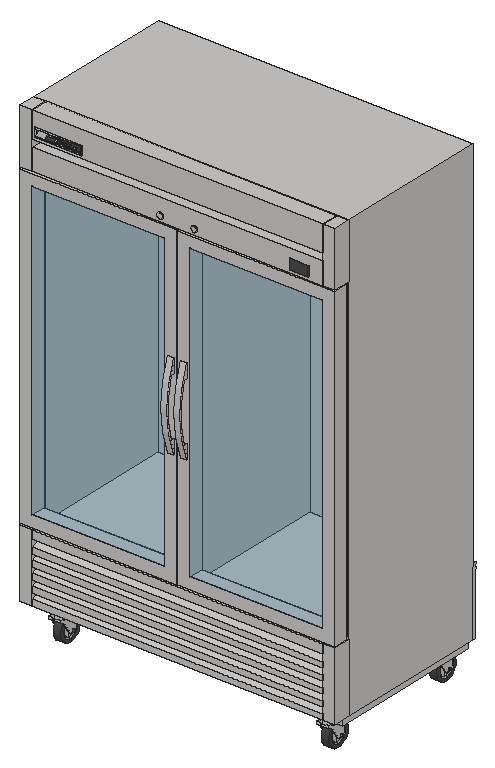
Revit family "QF_TRUE_T-49FG-HC~FGD01", category Specialty Equipment, Revit 2015 (continued)
Definition of nested family "T-49FG-HC-FGD01"
  Dimensions and locks (in)
    plane 11 to plane 5 "FRONT" = 1 17/32"
    plane 10 to plane 11 = 31 27/32"
    plane 1 "BACK" to plane 14 = 55 1/4"
    plane 1 "BACK" to plane 15 = 55 1/4"
    plane 19 to Extrusion 2 = 1/4"
    plane 24 to Extrusion 16 = 1/4"
    aligned and locked: level to plane 2
  Automatic sketch dimensions
    Extrusion 2 sketch curve to Extrusion 2 sketch curve = 1 1/4"  (x2)
    Extrusion 2 sketch curve to Extrusion 2 sketch curve = 1"  (x7)
    Extrusion 2 sketch curve to Extrusion 2 sketch curve = 2"  (x2)
    Extrusion 2 sketch curve to Extrusion 2 sketch curve = 0"  (x9)
    Extrusion 2 sketch curve to Extrusion 2 sketch curve = 0.51258"
    Extrusion 2 sketch curve to Extrusion 2 sketch curve = 0.43712"
    Extrusion 4 sketch curve to Extrusion 2 = 0.97242"  (x2)
    Extrusion 2 to Extrusion 4 sketch curve = 22.14431"
    Extrusion 4 sketch curve to Extrusion 4 sketch curve = 5.86763"
    Extrusion 5 sketch curve to plane 14 = 0"  (x2)
    Extrusion 7 sketch curve to Extrusion 1 = 0"  (x3)
    Extrusion 1 to Extrusion 7 sketch curve = 0"
    Extrusion 1 to Extrusion 7 sketch curve = 1 13/16"
    Extrusion 1 to Extrusion 7 sketch curve = 2"
    Extrusion 1 to Extrusion 7 sketch curve = 11 3/4"
    Extrusion 1 to Extrusion 7 sketch curve = 2 5/8"
    Extrusion 9 sketch curve to Extrusion 9 sketch curve = 2"
    Extrusion 10 sketch curve to Extrusion 10 sketch curve = 3 1/4"
    Extrusion 14 sketch curve to plane 12 = 11 9/16"
    Extrusion 14 sketch curve to plane 13 = 0"
    Extrusion 1 sketch curve to Extrusion 1 sketch curve = 2"
    Extrusion 1 sketch curve to Extrusion 1 sketch curve = 76 1/2"
    Extrusion 2 sketch curve to Extrusion 2 sketch curve = 4 1/2"
    Extrusion 2 sketch curve to Extrusion 2 sketch curve = 3 3/4"
    Extrusion 2 sketch curve to Extrusion 2 sketch curve = 55 1/4"
    Extrusion 2 sketch curve to Extrusion 2 sketch curve = 1 1/2"
    Extrusion 2 sketch curve to Extrusion 2 sketch curve = 2.0503"  (x2)
    Extrusion 2 sketch curve to Extrusion 2 sketch curve = 2.80755"
    Extrusion 2 sketch curve to Extrusion 2 sketch curve = 3"
    Extrusion 5 sketch curve to Extrusion 5 sketch curve = 25 7/16"
    Extrusion 5 sketch curve to Extrusion 5 sketch curve = 0"
    Extrusion 5 sketch curve to Extrusion 5 sketch curve = 1.20981"  (x2)
    Extrusion 5 sketch curve to Extrusion 5 sketch curve = 0.32668"
    Extrusion 5 sketch curve to Extrusion 5 sketch curve = 0.25923"
    Extrusion 5 sketch curve to Extrusion 5 sketch curve = 26.62183"
    Extrusion 9 sketch curve to Extrusion 9 sketch curve = 76 1/2"
    Extrusion 10 sketch curve to Extrusion 10 sketch curve = 1 3/4"
    Extrusion 11 sketch curve to Extrusion 11 sketch curve = 9 1/2"
    Extrusion 11 sketch curve to Extrusion 11 sketch curve = 55 1/4"
    Extrusion 11 sketch curve to Extrusion 11 sketch curve = 11 3/4"
    Extrusion 11 sketch curve to Extrusion 11 sketch curve = 0"
    Extrusion 11 sketch curve to Extrusion 11 sketch curve = 3"  (x2)
    Extrusion 12 sketch curve to Extrusion 12 sketch curve = 9 1/2"
    Extrusion 12 sketch curve to Extrusion 12 sketch curve = 55 1/4"
    Extrusion 12 sketch curve to Extrusion 12 sketch curve = 11 3/4"
    Extrusion 12 sketch curve to Extrusion 12 sketch curve = 0"
    Extrusion 12 sketch curve to Extrusion 12 sketch curve = 3"  (x2)
    Extrusion 16 sketch curve to Extrusion 16 sketch curve = 1 1/4"  (x2)
    Extrusion 16 sketch curve to Extrusion 16 sketch curve = 1"  (x7)
    Extrusion 16 sketch curve to Extrusion 16 sketch curve = 2"  (x2)
    Extrusion 16 sketch curve to Extrusion 16 sketch curve = 0"  (x9)
    Extrusion 16 sketch curve to Extrusion 16 sketch curve = 0.51258"
    Extrusion 16 sketch curve to Extrusion 16 sketch curve = 0.43712"
    Extrusion 18 sketch curve to Extrusion 16 = 0.97242"  (x2)
    Extrusion 16 to Extrusion 18 sketch curve = 22.14431"
    Extrusion 18 sketch curve to Extrusion 18 sketch curve = 5.86763"
    Extrusion 19 sketch curve to plane 18 = 0"  (x2)
    Extrusion 21 sketch curve to Extrusion 15 = 0"  (x3)
    Extrusion 15 to Extrusion 21 sketch curve = 0"
    Extrusion 15 to Extrusion 21 sketch curve = 1 13/16"
    Extrusion 15 to Extrusion 21 sketch curve = 2"
    Extrusion 15 to Extrusion 21 sketch curve = 11 3/4"
    Extrusion 15 to Extrusion 21 sketch curve = 2 5/8"
    Extrusion 23 sketch curve to Extrusion 23 sketch curve = 2"
    Extrusion 24 sketch curve to Extrusion 24 sketch curve = 3 1/4"
    Extrusion 28 sketch curve to plane 16 = 11 9/16"
    Extrusion 28 sketch curve to plane 17 = 0"
    Extrusion 15 sketch curve to Extrusion 15 sketch curve = 2"
    Extrusion 15 sketch curve to Extrusion 15 sketch curve = 76 1/2"
    Extrusion 16 sketch curve to Extrusion 16 sketch curve = 4 1/2"
    Extrusion 16 sketch curve to Extrusion 16 sketch curve = 3 3/4"
    Extrusion 16 sketch curve to Extrusion 16 sketch curve = 55 1/4"
    Extrusion 16 sketch curve to Extrusion 16 sketch curve = 1 1/2"
    Extrusion 16 sketch curve to Extrusion 16 sketch curve = 2.0503"  (x2)
    Extrusion 16 sketch curve to Extrusion 16 sketch curve = 2.80755"
    Extrusion 16 sketch curve to Extrusion 16 sketch curve = 3"
    Extrusion 19 sketch curve to Extrusion 19 sketch curve = 25 7/16"
    Extrusion 19 sketch curve to Extrusion 19 sketch curve = 0"
    Extrusion 19 sketch curve to Extrusion 19 sketch curve = 1.20981"  (x2)
    Extrusion 19 sketch curve to Extrusion 19 sketch curve = 0.32668"
    Extrusion 19 sketch curve to Extrusion 19 sketch curve = 0.25923"
    Extrusion 19 sketch curve to Extrusion 19 sketch curve = 26.62183"
    Extrusion 23 sketch curve to Extrusion 23 sketch curve = 76 1/2"
    Extrusion 24 sketch curve to Extrusion 24 sketch curve = 1 3/4"
    Extrusion 25 sketch curve to Extrusion 25 sketch curve = 9 1/2"
    Extrusion 25 sketch curve to Extrusion 25 sketch curve = 55 1/4"
    Extrusion 25 sketch curve to Extrusion 25 sketch curve = 11 3/4"
    Extrusion 25 sketch curve to Extrusion 25 sketch curve = 0"
    Extrusion 25 sketch curve to Extrusion 25 sketch curve = 3"  (x2)
    Extrusion 26 sketch curve to Extrusion 26 sketch curve = 9 1/2"
    Extrusion 26 sketch curve to Extrusion 26 sketch curve = 55 1/4"
    Extrusion 26 sketch curve to Extrusion 26 sketch curve = 11 3/4"
    Extrusion 26 sketch curve to Extrusion 26 sketch curve = 0"
    Extrusion 26 sketch curve to Extrusion 26 sketch curve = 3"  (x2)
    Extrusion 6 to Extrusion 29 sketch curve = 4.84595"
    Extrusion 6 to Extrusion 29 sketch curve = 27 5/64"
    curve 1 to plane 3 "LEFT" = 0"
    plane 5 "FRONT" to curve 7 = 0"
    plane 11 to curve 12 = 0"
    curve 1 to plane 4 "RIGHT" = 0"
    plane 1 "BACK" to curve 5 = 0"
    curve 3 to plane 10 = 0"
    plane 3 "LEFT" to curve 16 = 0.32668"
    curve 15 to plane 7 "Center Y" = 4.30184"
    plane 11 to curve 9 = 0"
    curve 9 to plane 7 "Center Y" = 1.62962"
    curve 11 to plane 7 "Center Y" = 0.62037"
    plane 7 "Center Y" to curve 12 = 0.62037"
    curve 12 to curve 14 = 1.00925"
    plane 7 "Center Y" to curve 17 = 4.30184"
    plane 4 "RIGHT" to curve 18 = 0.32668"
    plane 11 to curve 15 = 11.61864"
    curve 15 to curve 17 = 0"
    curve 18 to plane 5 "FRONT" = 1.20981"
    curve 16 to plane 5 "FRONT" = 1.20981"
    plane 3 "LEFT" to curve 7 = 2"
    plane 4 "RIGHT" to curve 8 = 2"
    curve 18 to curve 8 = 1.79019"
    Extrusion 14 sketch curve to Extrusion 14 sketch curve = 2"
    Extrusion 8 sketch curve to Extrusion 8 sketch curve = 2"  (x8)
    Extrusion 8 sketch curve to Extrusion 8 sketch curve = 22.94851"  (x2)
    Extrusion 8 sketch curve to Extrusion 8 sketch curve = 0.25923"
    Extrusion 8 sketch curve to Extrusion 8 sketch curve = 0"  (x2)
    Extrusion 8 sketch curve to Extrusion 8 sketch curve = 50 3/4"
    Extrusion 3 sketch curve to Extrusion 3 sketch curve = 22.94851"  (x2)
    Extrusion 3 sketch curve to Extrusion 3 sketch curve = 4.25923"
    Extrusion 3 sketch curve to Extrusion 3 sketch curve = 0"  (x2)
    Extrusion 3 sketch curve to Extrusion 3 sketch curve = 50 3/4"
    Extrusion 30 sketch curve to plane 20 = 0"
    plane 21 to Extrusion 30 sketch curve = 0"
    Extrusion 30 sketch curve to plane 20 = 2 1/2"
    Extrusion 30 sketch curve to plane 21 = 2 1/2"
    Extrusion 30 sketch curve to Extrusion 30 sketch curve = 0.60964"  (x2)
    Extrusion 30 sketch curve to Extrusion 30 sketch curve = 17.54993"
    Extrusion 30 sketch curve to Extrusion 30 sketch curve = 0.05175"
    Extrusion 31 sketch curve to plane 22 = 0"
    plane 23 to Extrusion 31 sketch curve = 0"
    Extrusion 31 sketch curve to plane 22 = 2 1/2"
    Extrusion 31 sketch curve to plane 23 = 2 1/2"
    Extrusion 31 sketch curve to Extrusion 31 sketch curve = 0.60964"  (x2)
    Extrusion 31 sketch curve to Extrusion 31 sketch curve = 17.54993"
    Extrusion 31 sketch curve to Extrusion 31 sketch curve = 0.05054"
    Extrusion 30 sketch curve to Extrusion 30 sketch curve = 0"
    Extrusion 31 sketch curve to Extrusion 31 sketch curve = 0"
    Extrusion 28 sketch curve to Extrusion 28 sketch curve = 2"
    Extrusion 22 sketch curve to Extrusion 22 sketch curve = 2"  (x8)
    Extrusion 22 sketch curve to Extrusion 22 sketch curve = 22.94851"  (x2)
    Extrusion 22 sketch curve to Extrusion 22 sketch curve = 0.25923"
    Extrusion 22 sketch curve to Extrusion 22 sketch curve = 0"  (x2)
    Extrusion 22 sketch curve to Extrusion 22 sketch curve = 50 3/4"
    Extrusion 17 sketch curve to Extrusion 17 sketch curve = 22.94851"  (x2)
    Extrusion 17 sketch curve to Extrusion 17 sketch curve = 4.25923"
    Extrusion 17 sketch curve to Extrusion 17 sketch curve = 0"  (x2)
    Extrusion 17 sketch curve to Extrusion 17 sketch curve = 50 3/4"
    Extrusion 34 sketch curve to plane 9 = 0"
    Extrusion 34 sketch curve to plane 29 = 0"
    plane 3 "LEFT" to Extrusion 34 sketch curve = 1"
    plane 4 "RIGHT" to Extrusion 34 sketch curve = 1"
    Extrusion 13 sketch curve to Extrusion 1 = 1/4"  (x2)
    Extrusion 13 sketch curve to Extrusion 1 = 11 1/2"  (x2)
    Extrusion 1 to Extrusion 13 sketch curve = 23.19851"
    Extrusion 13 sketch curve to Extrusion 13 sketch curve = 1 1/2"  (x3)
    Extrusion 13 sketch curve to Extrusion 13 sketch curve = 23.44851"
    Extrusion 13 sketch curve to Extrusion 13 sketch curve = 1.62134"  (x2)
    Extrusion 13 sketch curve to Extrusion 13 sketch curve = 0"  (x3)
    Extrusion 13 sketch curve to Extrusion 13 sketch curve = 0.75923"
    Extrusion 13 sketch curve to Extrusion 1 = 13 3/4"
    Extrusion 27 sketch curve to Extrusion 15 = 1/4"  (x2)
    Extrusion 27 sketch curve to Extrusion 15 = 11 1/2"  (x2)
    Extrusion 15 to Extrusion 27 sketch curve = 23.19851"
    Extrusion 27 sketch curve to Extrusion 27 sketch curve = 1 1/2"  (x3)
    Extrusion 27 sketch curve to Extrusion 27 sketch curve = 23.44851"
    Extrusion 27 sketch curve to Extrusion 27 sketch curve = 1.62134"  (x2)
    Extrusion 27 sketch curve to Extrusion 27 sketch curve = 0"  (x3)
    Extrusion 27 sketch curve to Extrusion 27 sketch curve = 0.75923"
    Extrusion 27 sketch curve to Extrusion 15 = 13 3/4"
    Extrusion 6 sketch curve to Extrusion 1 = 0"  (x2)
    Extrusion 6 sketch curve to Extrusion 1 = 3/8"
    Extrusion 6 sketch curve to Extrusion 6 sketch curve = 10.68144"
    Extrusion 6 sketch curve to Extrusion 6 sketch curve = 0.34482"
    Extrusion 6 sketch curve to Extrusion 6 sketch curve = 0.3805"
    Extrusion 6 sketch curve to Extrusion 6 sketch curve = 0.16647"
    Extrusion 6 sketch curve to Extrusion 1 = 0.32496"
    Extrusion 6 sketch curve to Extrusion 6 sketch curve = 0.17678"
    Extrusion 6 sketch curve to Extrusion 6 sketch curve = 0.14819"
    Extrusion 6 sketch curve to Extrusion 6 sketch curve = 0"
    Extrusion 6 sketch curve to Extrusion 6 sketch curve = 1/8"
    Extrusion 6 sketch curve to Extrusion 6 sketch curve = 0.17504"
    Extrusion 20 sketch curve to Extrusion 15 = 0"  (x2)
    Extrusion 20 sketch curve to Extrusion 15 = 3/8"
    Extrusion 20 sketch curve to Extrusion 20 sketch curve = 10.68144"
    Extrusion 20 sketch curve to Extrusion 20 sketch curve = 0.34482"
    Extrusion 20 sketch curve to Extrusion 20 sketch curve = 0.3805"
    Extrusion 20 sketch curve to Extrusion 20 sketch curve = 0.16647"
    Extrusion 20 sketch curve to Extrusion 15 = 0.32496"
    Extrusion 20 sketch curve to Extrusion 20 sketch curve = 0.17678"
    Extrusion 20 sketch curve to Extrusion 20 sketch curve = 0.14819"
    Extrusion 20 sketch curve to Extrusion 20 sketch curve = 0"
    Extrusion 20 sketch curve to Extrusion 20 sketch curve = 1/8"
    Extrusion 20 sketch curve to Extrusion 20 sketch curve = 0.17504"
    Extrusion 35 sketch curve to Extrusion 35 sketch curve = 0"  (x3)
    Extrusion 35 sketch curve to Extrusion 35 sketch curve = 0.0075"
    Extrusion 35 sketch curve to Extrusion 35 sketch curve = 2.06523"
    Extrusion 35 sketch curve to Extrusion 35 sketch curve = 0.04197"
    Extrusion 35 sketch curve to Extrusion 35 sketch curve = 0.42957"
    Extrusion 35 sketch curve to Extrusion 35 sketch curve = 0.94308"
    Extrusion 37 sketch curve to Extrusion 37 sketch curve = 0.37938"
    Extrusion 37 sketch curve to Extrusion 37 sketch curve = 1"
    Extrusion 37 sketch curve to Extrusion 37 sketch curve = 1.65026"
    Extrusion 37 sketch curve to Extrusion 37 sketch curve = 0.43546"
    Extrusion 37 sketch curve to Extrusion 37 sketch curve = 0.50522"
    Extrusion 37 sketch curve to Extrusion 37 sketch curve = 0.51683"  (x2)
    Extrusion 37 sketch curve to Extrusion 37 sketch curve = 0.53428"
    Extrusion 38 sketch curve to Extrusion 38 sketch curve = 1"
    Extrusion 38 sketch curve to Extrusion 38 sketch curve = 0"
    Extrusion 39 sketch curve to Extrusion 39 sketch curve = 0"  (x2)
    Extrusion 39 sketch curve to Extrusion 39 sketch curve = 1/4"
    Extrusion 40 sketch curve to Extrusion 40 sketch curve = 0.0411"
    Extrusion 40 sketch curve to Extrusion 40 sketch curve = 0.45494"
    Extrusion 40 sketch curve to Extrusion 40 sketch curve = 0.91779"
    Extrusion 40 sketch curve to Extrusion 40 sketch curve = 0.54506"
    Extrusion 40 sketch curve to Extrusion 40 sketch curve = 1.82353"
    Extrusion 40 sketch curve to Extrusion 40 sketch curve = 17/32"
    radius of Extrusion 4 sketch curve = 1/2"  (x2)
    radius of Extrusion 18 sketch curve = 1/2"  (x2)
    radius of Extrusion 29 sketch curve = 1/4"
    radius of Extrusion 35 sketch curve = 1/4"
    radius of Extrusion 36 sketch curve = 1/4"
    radius of Extrusion 37 sketch curve = 1/4"  (x3)
    radius of Extrusion 38 sketch curve = 1/4"  (x2)
    radius of Extrusion 40 sketch curve = 1/4"
  Nested families (in)
    nested 1: "QF_LOGO_TRUE" at (2.5, -29.8125, 79.375), Show Logo <- "Show Logo", type "QF_LOGO_TRUE", detail levels medium+fine
      with Show Logo yes
  Definition of nested family "QF_LOGO_TRUE"
    Parameters (values of type "QF_LOGO_TRUE")
      Show Logo [instance] = yes
    Reference planes (in)
      plane 1 "Center (Front/Back)": y = 0
      plane 2: z = 0
      plane 3 "Center (Left/Right)": x = 0
    Forms (in)
      Extrusion 1, solid, visible <- "Show Logo", detail levels medium+fine
        sketch origin (-78.34647, 34.76905, -30.51001) x (1, 0, 0) y (0, 0, 1)
          loop
            line (81.15226, 31.65456) -> (81.07353, 31.48573) -> (82.12083, 31.48573)
            arc (82.12083, 31.48573) -> (82.14208, 31.44814) -> (82.12083, 31.41055) r 0.04386
            line (82.12083, 31.41055) -> (81.84767, 30.82478)
            arc (81.84767, 30.82478) -> (81.84531, 30.77052) -> (81.882, 30.73048) r 0.07096
            line (81.882, 30.73048) -> (82.55165, 30.73048)
            arc (82.55165, 30.73048) -> (82.63621, 30.75714) -> (82.69019, 30.82748) r 0.14742
            line (82.69019, 30.82748) -> (82.90515, 31.28847) -> (83.10265, 31.28847)
            arc (83.10265, 31.28847) -> (83.15447, 31.26942) -> (83.14697, 31.21472) r 0.04405
            line (83.14697, 31.21472) -> (82.9671, 30.82899)
            arc (82.9671, 30.82899) -> (82.9699, 30.76493) -> (83.02398, 30.73048) r 0.06943
            line (83.02398, 30.73048) -> (83.6124, 30.73048)
            arc (83.6124, 30.73048) -> (83.65748, 30.74689) -> (83.68147, 30.78844) r 0.07014
            arc (83.68147, 30.78844) -> (83.69845, 30.74745) -> (83.73943, 30.73048) r 0.05796
            line (83.73943, 30.73048) -> (84.112, 30.73048)
            arc (84.112, 30.73048) -> (84.15504, 30.74201) -> (84.18655, 30.77352) r 0.08608
            arc (84.18655, 30.77352) -> (84.20164, 30.7371) -> (84.23806, 30.72202) r 0.0515
            line (84.23806, 30.72202) -> (84.76757, 30.72202)
            arc (84.76757, 30.72202) -> (84.81086, 30.73995) -> (84.8288, 30.78324) r 0.06122
            arc (84.8288, 30.78324) -> (84.86848, 30.74355) -> (84.92269, 30.72903) r 0.10842
            line (84.92269, 30.72903) -> (85.91461, 30.72903) -> (86.02479, 30.91987) -> (85.0243, 30.91987)
            arc (85.0243, 30.91987) -> (84.99669, 30.93902) -> (84.99566, 30.97261) r 0.03732
            line (84.99566, 30.97261) -> (85.01297, 31.00972)
            arc (85.01297, 31.00972) -> (85.03954, 31.04453) -> (85.0813, 31.05774) r 0.07263
            line (85.0813, 31.05774) -> (85.40289, 31.05774)
            arc (85.40289, 31.05774) -> (85.4723, 31.07633) -> (85.52311, 31.12715) r 0.13882
            line (85.52311, 31.12715) -> (85.61625, 31.28847)
            arc (85.61625, 31.28847) -> (85.61625, 31.37458) -> (85.54168, 31.41763) r 0.08611
            line (85.54168, 31.41763) -> (85.20227, 31.41763)
            arc (85.20227, 31.41763) -> (85.11574, 31.40294) -> (85.05538, 31.33923) r 0.13863
            line (85.05538, 31.33923) -> (84.89409, 30.99333)
            arc (84.89409, 30.99333) -> (84.84649, 30.9313) -> (84.77191, 30.90778) r 0.13002
            line (84.77191, 30.90778) -> (84.41984, 30.90778)
            arc (84.41984, 30.90778) -> (84.3777, 30.95378) -> (84.38042, 31.0161) r 0.08151
            line (84.38042, 31.0161) -> (84.56766, 31.41763) -> (84.44849, 31.41763) -> (84.25012, 30.99222)
            arc (84.25012, 30.99222) -> (84.21158, 30.94199) -> (84.15119, 30.92296) r 0.10527
            line (84.15119, 30.92296) -> (83.90842, 30.92296)
            arc (83.90842, 30.92296) -> (83.8674, 30.97642) -> (83.87619, 31.04323) r 0.08805
            line (83.87619, 31.04323) -> (84.05078, 31.41763) -> (83.92772, 31.41763) -> (83.72676, 30.98668)
            arc (83.72676, 30.98668) -> (83.68011, 30.94003) -> (83.61639, 30.92296) r 0.12745
            line (83.61639, 30.92296) -> (83.26484, 30.92296)
            arc (83.26484, 30.92296) -> (83.2017, 30.9524) -> (83.19563, 31.0218) r 0.06967
            line (83.19563, 31.0218) -> (83.31118, 31.26961) -> (83.47452, 31.26961)
            arc (83.47452, 31.26961) -> (83.50209, 31.35268) -> (83.56075, 31.41763) r 0.21289
            line (83.56075, 31.41763) -> (82.92244, 31.41763)
            arc (82.92244, 31.41763) -> (82.85151, 31.40191) -> (82.80242, 31.34834) r 0.12081
            line (82.80242, 31.34834) -> (82.6294, 30.9773)
            arc (82.6294, 30.9773) -> (82.58962, 30.93752) -> (82.53528, 30.92296) r 0.10869
            line (82.53528, 30.92296) -> (82.1542, 30.92296)
            arc (82.1542, 30.92296) -> (82.12446, 30.96315) -> (82.13012, 31.01283) r 0.06822
            line (82.13012, 31.01283) -> (82.38156, 31.48573) -> (83.01596, 31.48573) -> (83.09469, 31.65456) -> (82.46029, 31.65456) -> (82.53902, 31.8234) -> (82.31334, 31.8234) -> (82.23461, 31.65456) -> (81.15226, 31.65456)
          loop
            arc (85.15937, 31.26434) -> (85.13191, 31.25698) -> (85.1118, 31.23688) r 0.05494
            line (85.1118, 31.23688) -> (85.09547, 31.18665)
            arc (85.09547, 31.18665) -> (85.10304, 31.16837) -> (85.12133, 31.16079) r 0.02586
            line (85.12133, 31.16079) -> (85.39889, 31.16079)
            arc (85.39889, 31.16079) -> (85.41888, 31.16523) -> (85.43513, 31.1777) r 0.04731
            line (85.43513, 31.1777) -> (85.44863, 31.2402)
            arc (85.44863, 31.2402) -> (85.44466, 31.25693) -> (85.42914, 31.26434) r 0.01994
            line (85.42914, 31.26434) -> (85.15937, 31.26434)
          loop
            line (78.62961, 30.74125) -> (80.12032, 30.74125) -> (80.73891, 31.81268) -> (79.2482, 31.81268) -> (78.62961, 30.74125)
        from 34.76797 to 34.83173
      Extrusion 2, solid, visible <- "Show Logo", detail levels medium+fine
        sketch origin (-142.84857, 34.75108, -33.3546) x (1, 0, 0) y (0, 0, 1)
          loop
            line (150.81107, 34.71978) -> (142.98607, 34.71978) -> (142.98607, 33.4921) -> (150.81107, 33.4921) -> (150.81107, 34.71978)
        from 34.75108 to 34.78125
      Extrusion 3, solid, visible <- "Show Logo", detail levels medium+fine
        sketch origin (-142.84857, 34.75108, -33.3546) x (1, 0, 0) y (0, 0, 1)
          loop
            line (150.94857, 34.85727) -> (142.84857, 34.85727) -> (142.84857, 33.3546) -> (150.94857, 33.3546) -> (150.94857, 34.85727)
          loop
            line (142.98607, 34.71978) -> (142.98607, 33.4921) -> (150.81107, 33.4921) -> (150.81107, 34.71978) -> (142.98607, 34.71978)
        from 34.75108 to 34.81376
      Extrusion 4, solid, not visible
        sketch origin (121.45701, -16.5, 4.98235) x (1, 0, 0) y (0, 0, 1)
          loop
            line (25.20115, 35.89949) -> (25.20115, 33.96647) -> (30.95381, 33.96647) -> (30.95381, 35.89949) -> (25.20115, 35.89949)
        from 31.5 to 31.54261
      Extrusion 5, solid, not visible
        sketch origin (121.45701, -16.5, 4.98235) x (1, 0, 0) y (0, 0, 1)
          loop
            line (26.7387, 34.95472) -> (26.61492, 34.49276) -> (27.038, 34.49276)
            arc (27.038, 34.49276) -> (27.13117, 34.52484) -> (27.18485, 34.60749) r 0.15134
            arc (27.18485, 34.60749) -> (27.20396, 34.68138) -> (27.22435, 34.75493) r 4.37326
            arc (27.22435, 34.75493) -> (27.23458, 34.81765) -> (27.22435, 34.88037) r 0.1974
            arc (27.22435, 34.88037) -> (27.18247, 34.93579) -> (27.11563, 34.95472) r 0.10914
            line (27.11563, 34.95472) -> (26.7387, 34.95472)
          loop
            line (26.90201, 34.80638) -> (26.84645, 34.59903) -> (26.92855, 34.59903)
            arc (26.92855, 34.59903) -> (26.98205, 34.6185) -> (27.01051, 34.6678) r 0.08322
            line (27.01051, 34.6678) -> (27.02399, 34.74424)
            arc (27.02399, 34.74424) -> (27.01491, 34.78454) -> (26.97985, 34.80638) r 0.05353
            line (26.97985, 34.80638) -> (26.90201, 34.80638)
          loop
            line (27.45336, 34.66131) -> (27.76233, 34.66131) -> (27.78859, 34.73909)
            arc (27.78859, 34.73909) -> (27.7878, 34.82039) -> (27.73107, 34.87864) r 0.10925
            arc (27.73107, 34.87864) -> (27.68233, 34.8944) -> (27.63139, 34.89974) r 0.24595
            line (27.63139, 34.89974) -> (27.46708, 34.89974)
            arc (27.46708, 34.89974) -> (27.4068, 34.88073) -> (27.3535, 34.84677) r 0.2421
            arc (27.3535, 34.84677) -> (27.2897, 34.76363) -> (27.26702, 34.66131) r 0.2421
            line (27.26702, 34.66131) -> (27.26702, 34.54477)
            arc (27.26702, 34.54477) -> (27.31618, 34.4956) -> (27.38334, 34.47761) r 0.13431
            line (27.38334, 34.47761) -> (27.59054, 34.47761)
            arc (27.59054, 34.47761) -> (27.63459, 34.48281) -> (27.67622, 34.49812) r 0.18924
            line (27.67622, 34.49812) -> (27.73102, 34.61563)
            arc (27.73102, 34.61563) -> (27.68453, 34.59565) -> (27.63566, 34.58252) r 0.35376
            arc (27.63566, 34.58252) -> (27.55885, 34.56956) -> (27.48204, 34.58252) r 0.23415
            arc (27.48204, 34.58252) -> (27.44492, 34.61362) -> (27.45336, 34.66131) r 0.04838
          loop
            line (27.4842, 34.73042) -> (27.62012, 34.73042) -> (27.62621, 34.76496)
            arc (27.62621, 34.76496) -> (27.58961, 34.80242) -> (27.53739, 34.80638) r 0.0742
            arc (27.53739, 34.80638) -> (27.49747, 34.77773) -> (27.4842, 34.73042) r 0.0742
          loop
            line (27.91616, 34.97572) -> (27.78675, 34.49276) -> (27.98645, 34.49276) -> (28.11586, 34.97572) -> (27.91616, 34.97572)
          loop
            line (28.13678, 34.66131) -> (28.08755, 34.47761) -> (28.27134, 34.47761) -> (28.32056, 34.66131) -> (28.43674, 34.66131) -> (28.47974, 34.78864) -> (28.36519, 34.78864)
            arc (28.36519, 34.78864) -> (28.35733, 34.81649) -> (28.36921, 34.84288) r 0.04231
            arc (28.36921, 34.84288) -> (28.431, 34.8652) -> (28.49617, 34.85686) r 0.13988
            line (28.49617, 34.85686) -> (28.53544, 34.97317)
            arc (28.53544, 34.97317) -> (28.39725, 34.99096) -> (28.25905, 34.97317) r 0.54546
            arc (28.25905, 34.97317) -> (28.20849, 34.91994) -> (28.18197, 34.85147) r 0.1894
            line (28.18197, 34.85147) -> (28.17089, 34.78864) -> (28.11397, 34.78864) -> (28.07985, 34.66131) -> (28.13678, 34.66131)
          loop
            arc (28.74846, 34.89756) -> (28.65884, 34.88533) -> (28.56922, 34.89756) r 0.33455
            line (28.56922, 34.89756) -> (28.45669, 34.47761) -> (28.63593, 34.47761) -> (28.74846, 34.89756)
          loop
            arc (28.60398, 35.01195) -> (28.57699, 34.97173) -> (28.60398, 34.9315) r 0.04347
            line (28.60398, 34.9315) -> (28.75755, 34.9315)
            arc (28.75755, 34.9315) -> (28.78645, 34.96687) -> (28.77911, 35.01195) r 0.0556
            line (28.77911, 35.01195) -> (28.60398, 35.01195)
          loop
            line (28.95336, 34.66131) -> (29.26233, 34.66131) -> (29.28859, 34.73909)
            arc (29.28859, 34.73909) -> (29.2878, 34.82039) -> (29.23107, 34.87864) r 0.10925
            arc (29.23107, 34.87864) -> (29.18233, 34.8944) -> (29.13139, 34.89974) r 0.24595
            line (29.13139, 34.89974) -> (28.96708, 34.89974)
            arc (28.96708, 34.89974) -> (28.9068, 34.88073) -> (28.8535, 34.84677) r 0.2421
            arc (28.8535, 34.84677) -> (28.7897, 34.76363) -> (28.76702, 34.66131) r 0.2421
            line (28.76702, 34.66131) -> (28.76702, 34.54477)
            arc (28.76702, 34.54477) -> (28.81618, 34.4956) -> (28.88334, 34.47761) r 0.13431
            line (28.88334, 34.47761) -> (29.09054, 34.47761)
            arc (29.09054, 34.47761) -> (29.13459, 34.48281) -> (29.17622, 34.49812) r 0.18924
            line (29.17622, 34.49812) -> (29.23102, 34.61563)
            arc (29.23102, 34.61563) -> (29.18453, 34.59565) -> (29.13566, 34.58252) r 0.35376
            arc (29.13566, 34.58252) -> (29.05885, 34.56956) -> (28.98204, 34.58252) r 0.23415
            arc (28.98204, 34.58252) -> (28.94492, 34.61362) -> (28.95336, 34.66131) r 0.04838
          loop
            line (28.9842, 34.73042) -> (29.12012, 34.73042) -> (29.12621, 34.76496)
            arc (29.12621, 34.76496) -> (29.08961, 34.80242) -> (29.03739, 34.80638) r 0.0742
            arc (29.03739, 34.80638) -> (28.99747, 34.77773) -> (28.9842, 34.73042) r 0.0742
          loop
            line (29.41616, 34.97572) -> (29.28675, 34.49276) -> (29.48645, 34.49276) -> (29.61586, 34.97572) -> (29.41616, 34.97572)
          loop
            line (29.99836, 34.97572) -> (29.95192, 34.80242)
            arc (29.95192, 34.80242) -> (29.94473, 34.85705) -> (29.90102, 34.89059) r 0.07199
            arc (29.90102, 34.89059) -> (29.80023, 34.89941) -> (29.70251, 34.87322) r 0.29131
            arc (29.70251, 34.87322) -> (29.61806, 34.7652) -> (29.5896, 34.63108) r 0.30433
            line (29.5896, 34.63108) -> (29.5896, 34.55572)
            arc (29.5896, 34.55572) -> (29.61075, 34.50463) -> (29.66184, 34.48348) r 0.07224
            line (29.66184, 34.48348) -> (29.78537, 34.48348)
            arc (29.78537, 34.48348) -> (29.83854, 34.51313) -> (29.88504, 34.55243) r 0.31609
            line (29.88504, 34.55243) -> (29.86905, 34.49276) -> (30.05973, 34.49276) -> (30.18914, 34.97572) -> (29.99836, 34.97572)
          loop
            arc (29.84537, 34.75931) -> (29.79424, 34.71128) -> (29.77745, 34.64317) r 0.12371
            arc (29.77745, 34.64317) -> (29.80071, 34.59901) -> (29.85056, 34.59647) r 0.05045
            arc (29.85056, 34.59647) -> (29.90141, 34.64047) -> (29.92536, 34.7033) r 0.13769
            arc (29.92536, 34.7033) -> (29.90211, 34.75521) -> (29.84537, 34.75931) r 0.05543
          loop
            line (26.45047, 35.26762) -> (26.58211, 35.26762)
            arc (26.58211, 35.26762) -> (26.60467, 35.30821) -> (26.62126, 35.35157) r 0.3277
            arc (26.62126, 35.35157) -> (26.62714, 35.39992) -> (26.60877, 35.44503) r 0.09693
            arc (26.60877, 35.44503) -> (26.56454, 35.48868) -> (26.50462, 35.50516) r 0.12312
            arc (26.50462, 35.50516) -> (26.44158, 35.50565) -> (26.37854, 35.50546) r 5.76967
            arc (26.37854, 35.50546) -> (26.07462, 35.42923) -> (25.81045, 35.26076) r 0.97743
            line (25.81045, 35.26076) -> (25.85921, 35.26076)
            arc (25.85921, 35.26076) -> (26.08494, 35.39361) -> (26.3396, 35.45485) r 0.88817
            arc (26.3396, 35.45485) -> (26.41429, 35.44188) -> (26.47267, 35.39352) r 0.14748
            arc (26.47267, 35.39352) -> (26.48041, 35.32725) -> (26.45047, 35.26762) r 0.11636
          loop
            arc (26.35412, 35.17841) -> (26.19578, 35.0555) -> (26.00982, 34.98069) r 0.72453
            arc (26.00982, 34.98069) -> (25.9036, 34.95581) -> (25.79459, 34.9604) r 0.40201
            arc (25.79459, 34.9604) -> (25.7275, 34.98819) -> (25.69972, 35.05528) r 0.09488
            arc (25.69972, 35.05528) -> (25.71867, 35.12629) -> (25.77049, 35.17841) r 0.1425
            line (25.77049, 35.17841) -> (25.73665, 35.18748)
            arc (25.73665, 35.18748) -> (25.67632, 35.09876) -> (25.66924, 34.99171) r 0.20432
            arc (25.66924, 34.99171) -> (25.71443, 34.9227) -> (25.79473, 34.90384) r 0.11116
            arc (25.79473, 34.90384) -> (25.91172, 34.89904) -> (26.02716, 34.91862) r 0.56145
            arc (26.02716, 34.91862) -> (26.27675, 35.021) -> (26.49584, 35.17841) r 1.15683
            line (26.49584, 35.17841) -> (26.35412, 35.17841)
        from 31.54261 to 31.56272
    Dimensions and locks (in)
      aligned and locked: level to plane 2
      aligned and locked: Extrusion 2 to Extrusion 3  (x2)
      aligned and locked: Extrusion 2 sketch curve to Extrusion 3
